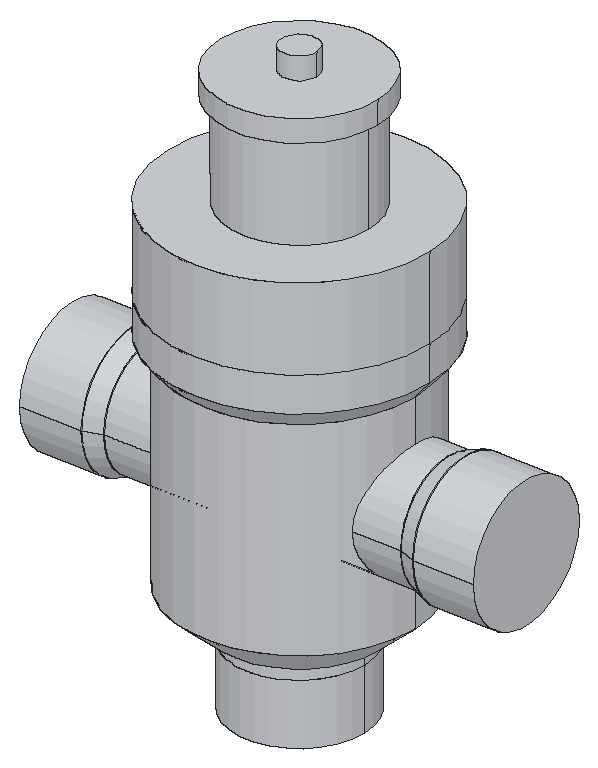
Revit family "VMX13P_DN15_PN16_RFA_2019", category Pipe Accessories, Revit 2019
Family settings
  Round Connector Dimension = Use Diameter
  Part Type = Valve - Breaks Into
  Work Plane-Based = No
  Always vertical = Yes
  Cut with Voids When Loaded = No
  Shared = No
Parameters (values of type "VMX13P G1/2  PN16 kvs1,6")
  magiProductId = ""
  magiProductFamilyId = ""
  magiPartTypeId = 320
  isMeasuringValve [instance] = no
  ang2D [instance] = 0.00°
  Z9 = 7 mm
  Z8 = 4 mm
  Z7__ve = -Z7  # -2.5 mm
  Z7 = 2.5 mm
  Z6 = 8.775 mm
  Z5 = 9.45 mm
  Z3 = 2 mm
  Z2 = 5 mm
  Z1 = 3.75 mm
  X4__ve = -X4  # -7 mm
  X4 = 7 mm
  X3 = 34 mm
  X1 = 5.2 mm
  W2D = 15 mm
  VersionID = ""
  Use Minimum Symbol Size [instance] = no
  URL = "www.hydronix.cz"
  Type Comments = "Závitový, vnější závit, ploché těsnění; LIN charakteristika; PN16; +5~+95°C; max.rychlost proudění 3,0 m/s"
  TL = 52 mm
  R9 = 9 mm
  R8 = 2 mm
  R7 = 15 mm
  R6 = 9 mm
  R5 = 10.214 mm
  R4 = 8.512 mm
  R3 = 7.5 mm
  R2 = 13.3 mm
  R10 = 8 mm
  R1 = 6.75 mm
  QmdConnectorList = "301;D;302;D;303;D"
  Productdata [instance] = ""
  Manufacturer = "Hydronix"
  MT = 1
  MC Product Code = "VMX13P (G1/2\"; dpmax=250kPa; kvs 1,6)"
  MC = yes
  LT2 = 19 mm
  L2D_Min = 30.48 mm
  L2D = 38 mm
  L = 38 mm
  H1 = 23.8 mm
  H = 27 mm
  E = 16 mm
  Description = "3 cestný regulační ventil malých spotřebičů, DN15; zdvih 2,5mm; max dp 250kPa; kvs1,6"
  DT2 = 7.5 mm
  D = 15 mm
  CS = no
  CAT0 = yes
  CAT = no
  C = 25 mm
  Assembly Code = ""
Types (8, lengths in mm): name | Z9 | Z6 | Z5 | Z2 | Z1 | X3 | X1 | W2D | TL | R6 | R5 | R4 | R3 | R2 | R1 | MC Product Code | LT2 | L2D | L | H1 | H | Description | DT2 | D | C
  VMX09P G1/2  PN16 kvs0,25 | 7 | 8.775 | 9.45 | 5 | 3.75 | 34 | 5.2 | 15 | 52 | 9 | 10.214 | 8.512 | 7.5 | 13.3 | 6.75 | "VMX09P (G1/2\"; dpmax=250kPa; kvs 0,25)" | 19 | 38 | 38 | 23.8 | 27 | "3 cestný regulační ventil malých spotřebičů, DN15; zdvih 2,5mm; max dp 250kPa; kvs0,25" | 7.5 | 15 | 25
  VMX10P G1/2  PN16 kvs0,4 | 7 | 8.775 | 9.45 | 5 | 3.75 | 34 | 5.2 | 15 | 52 | 9 | 10.214 | 8.512 | 7.5 | 13.3 | 6.75 | "VMX10P (G1/2\"; dpmax=250kPa; kvs 0,4)" | 19 | 38 | 38 | 23.8 | 27 | "3 cestný regulační ventil malých spotřebičů, DN15; zdvih 2,5mm; max dp 250kPa; kvs0,4" | 7.5 | 15 | 25
  VMX11P G1/2  PN16 kvs0,6 | 7 | 8.775 | 9.45 | 5 | 3.75 | 34 | 5.2 | 15 | 52 | 9 | 10.214 | 8.512 | 7.5 | 13.3 | 6.75 | "VMX11P (G1/2\"; dpmax=250kPa; kvs 0,6)" | 19 | 38 | 38 | 23.8 | 27 | "3 cestný regulační ventil malých spotřebičů, DN15; zdvih 2,5mm; max dp 250kPa; kvs0,6" | 7.5 | 15 | 25
  VMX12P G1/2  PN16 kvs1,0 | 7 | 8.775 | 9.45 | 5 | 3.75 | 34 | 5.2 | 15 | 52 | 9 | 10.214 | 8.512 | 7.5 | 13.3 | 6.75 | "VMX12P (G1/2\"; dpmax=250kPa; kvs 1,0)" | 19 | 38 | 38 | 23.8 | 27 | "3 cestný regulační ventil malých spotřebičů, DN15; zdvih 2,5mm; max dp 250kPa; kvs1,0" | 7.5 | 15 | 25
  VMX13P G1/2  PN16 kvs1,6 | 7 | 8.775 | 9.45 | 5 | 3.75 | 34 | 5.2 | 15 | 52 | 9 | 10.214 | 8.512 | 7.5 | 13.3 | 6.75 | "VMX13P (G1/2\"; dpmax=250kPa; kvs 1,6)" | 19 | 38 | 38 | 23.8 | 27 | "3 cestný regulační ventil malých spotřebičů, DN15; zdvih 2,5mm; max dp 250kPa; kvs1,6" | 7.5 | 15 | 25
  VMX21P G3/4  PN16 kvs2,5 | 8.8 | 8.45 | 9.1 | 6.8 | 5.1 | 38 | 5.6 | 20 | 56 | 12 | 11.29 | 9.408 | 10 | 14.7 | 9 | "VMX21P (G3/4\"; dpmax=150kPa; kvs 2,5)" | 21 | 42 | 42 | 29 | 26 | "3 cestný regulační ventil malých spotřebičů, DN20; zdvih 2,5mm; max dp 150kPa; kvs2,5" | 10 | 20 | 34
  VMX24P G3/4  PN16 kvs4,0 | 8.8 | 8.45 | 9.1 | 6.8 | 5.1 | 38 | 5.6 | 20 | 56 | 12 | 11.29 | 9.408 | 10 | 14.7 | 9 | "VMX24P (G3/4\";  dpmax A-AB=100kPa;  dpmax B-AB=40kPa;  kvs 4,0)" | 21 | 42 | 42 | 29 | 26 | "3 cestný regulační ventil malých spotřebičů, DN20; zdvih 2,5mm; max dp A-AB 100kPa; max dp B-AB 40kPa; kvs4,0" | 10 | 20 | 34
  VMX26P G3/4  PN16 kvs6,0 | 8.8 | 8.45 | 9.1 | 6.8 | 5.1 | 38 | 5.6 | 20 | 56 | 12 | 11.29 | 9.408 | 10 | 14.7 | 9 | "VMX26P (G3/4\";  dpmax A-AB=100kPa;  dpmax B-AB=40kPa;  kvs 6,0)" | 21 | 42 | 42 | 29 | 26 | "3 cestný regulační ventil malých spotřebičů, DN20; zdvih 2,5mm; max dp A-AB 100kPa; max dp B-AB 40kPa; kvs6,0" | 10 | 20 | 34
Reference planes
  plane 1 "Center (Front/Back)": y = 0
  plane 2 "XYPLANE": z = 0
  plane 3 "Center (Left/Right)": x = 0
  plane 4 "271": z = 38
  plane 5 "254": z = 11.55
  plane 6 "253": z = 17.55
  plane 7 "148": z = 40.5
  plane 8 "132": z = 43
  plane 9 "62": z = 13.55
  plane 10 "53": z = 27
  plane 11 "52": z = -12.25
  plane 12 "48": z = -16
  plane 13 "47": z = -18
  plane 14 "38": z = -23
  plane 15 "37": x = 17
  plane 16 "36": x = 19
  plane 17 "23": z = -25
  plane 18 "19": x = -17
  plane 19 "15": x = -19
  plane 20 "6": x = 26
  plane 21 "5": x = -26
  plane 22 "3": z = 0
  plane 23 "2": y = 0
  plane 24 "1": x = 0
Forms (mm)
  Extrusion 1, solid
    sketch origin (-750, 0, -25) x (1, 0, 0) y (0, 1, 0)
      loop
        circle (750, 0) r 7.5
    from 0 to 7 <- "Z9"
  Extrusion 2, solid, visible <- "CAT0"
    sketch origin (-750, 0, 43) x (1, 0, 0) y (0, 1, 0)
      loop
        circle (750, 0) r 2
    from 0 to -2.5 <- "Z7__ve"
  Extrusion 3, solid, visible <- "CAT0"
    sketch origin (-750, 0, 38) x (1, 0, 0) y (0, 1, 0)
      loop
        circle (750, 0) r 8
    from 0 to -19
  Extrusion 4, solid, visible <- "CAT0"
    sketch origin (-17, -750, 0) x (0, 1, 0) y (0, 0, 1)
      loop
        circle (750, 0) r 6.75
    from 0 to 34 <- "X3"
  Extrusion 5, solid
    sketch origin (-750, 0, 13.55) x (1, 0, 0) y (0, 1, 0)
      loop
        circle (750, 0) r 15
    from 0 to 4 <- "Z8"
  Extrusion 6, solid
    sketch origin (-750, 0, 40.5) x (1, 0, 0) y (0, 1, 0)
      loop
        circle (750, 0) r 9
    from 0 to -2.5 <- "Z7__ve"
  Extrusion 7, solid
    sketch origin (-750, 0, 17.55) x (1, 0, 0) y (0, 1, 0)
      loop
        circle (750, 0) r 15
    from 0 to 9.45 <- "Z5"
  Blend 8, solid
    base sketch origin (-750, 0, 11.55) x (1, 0, 0) y (0, 1, 0)
      loop
        circle (750, 0) r 13.3
    top sketch origin (-750, 0, 11.55) x (1, 0, 0) y (0, 1, 0)
      loop
        circle (750, 0) r 15
    from 0 to 2
  Blend 9, solid
    base sketch origin (-750, 0, -12.25) x (1, 0, 0) y (0, 1, 0)
      loop
        circle (750, 0) r 13.3
    top sketch origin (-750, 0, -12.25) x (1, 0, 0) y (0, 1, 0)
      loop
        circle (750, 0) r 9
    from 0 to -3.75
  Extrusion 10, solid
    sketch origin (-750, 0, -18) x (1, 0, 0) y (0, 1, 0)
      loop
        circle (750, 0) r 7.5
    from 0 to 2 <- "Z3"
  Extrusion 11, solid
    sketch origin (26, -750, 0) x (0, 1, 0) y (0, 0, 1)
      loop
        circle (750, 0) r 7.5
    from 0 to -7 <- "X4__ve"
  Blend 12, solid
    base sketch origin (19, -750, 0) x (0, 1, 0) y (0, 0, 1)
      loop
        circle (750, 0) r 7.5
    top sketch origin (19, -750, 0) x (0, 1, 0) y (0, 0, 1)
      loop
        circle (750, 0) r 6.75
    from 0 to -2
  Extrusion 13, solid
    sketch origin (-750, 0, -12.25) x (1, 0, 0) y (0, 1, 0)
      loop
        circle (750, 0) r 13.3
    from 0 to 23.8 <- "H1"
  Blend 14, solid
    base sketch origin (-19, -750, 0) x (0, 1, 0) y (0, 0, 1)
      loop
        circle (750, 0) r 7.5
    top sketch origin (-19, -750, 0) x (0, 1, 0) y (0, 0, 1)
      loop
        circle (750, 0) r 6.75
    from 0 to 2
  Extrusion 15, solid
    sketch origin (-26, -750, 0) x (0, 1, 0) y (0, 0, 1)
      loop
        circle (750, 0) r 7.5
    from 0 to 7 <- "X4"
  Extrusion 16, solid, not visible
    sketch origin (-750, 0, -18) x (1, 0, 0) y (0, 1, 0)
      loop
        circle (750, 0) r 10
    from 0 to 10
  Extrusion 17, solid, not visible
    sketch origin (19, -750, 0) x (0, 1, 0) y (0, 0, 1)
      loop
        circle (750, 0) r 10
    from 0 to -10
  Extrusion 18, solid, not visible
    sketch origin (-19, -750, 0) x (0, 1, 0) y (0, 0, 1)
      loop
        circle (750, 0) r 10
    from 0 to 10
Lines and regions (mm)
  reference lines, not visible
    curve 1: circle (2, 2, 0) r 1 normal (0, 0, 1)
Dimensions and locks
  plane 1 "Center (Front/Back)" to curve 1 = 2 mm
  "Z7": plane 7 "148" to plane 4 "271"
  "Z3": plane 9 "62" to plane 5 "254"
  "Z5": plane 10 "53" to plane 6 "253"
  "Z7": plane 8 "132" to plane 7 "148"
  "E": plane 10 "53" to plane 8 "132"
  "Z8": plane 6 "253" to plane 9 "62"
  "H": plane 2 "XYPLANE" to plane 10 "53"
  "Z1": plane 12 "48" to plane 11 "52"
  "Z3": plane 13 "47" to plane 12 "48"
  "Z2": plane 14 "38" to plane 13 "47"
  "Z3": plane 17 "23" to plane 14 "38"
  locked: plane 16 "36" to plane 15 "37" at 2
  "LT2": plane 3 "Center (Left/Right)" to plane 16 "36"
  "C": plane 2 "XYPLANE" to plane 17 "23"
  locked: plane 19 "15" to plane 18 "19" at 2
  "LT2": plane 3 "Center (Left/Right)" to plane 19 "15"
  "X4": plane 16 "36" to plane 20 "6"
  "X4": plane 19 "15" to plane 21 "5"
  locked: plane 2 "XYPLANE" to plane 22 "3"
  locked: plane 1 "Center (Front/Back)" to plane 23 "2"
  locked: plane 3 "Center (Left/Right)" to plane 24 "1"
  "DT2": radius of Extrusion 1 sketch curve
  "R8": radius of Extrusion 2 sketch curve
  "R10": radius of Extrusion 3 sketch curve
  "R1": radius of Extrusion 4 sketch curve
  "R7": radius of Extrusion 5 sketch curve
  "R9": radius of Extrusion 6 sketch curve
  "R7": radius of Extrusion 7 sketch curve
  "R7": radius of Blend 8 sketch curve
  "R2": radius of Blend 8 sketch curve
  "R6": radius of Blend 9 sketch curve
  "R2": radius of Blend 9 sketch curve
  "DT2": radius of Extrusion 10 sketch curve
  "DT2": radius of Extrusion 11 sketch curve
  "R1": radius of Blend 12 sketch curve
  "DT2": radius of Blend 12 sketch curve
  "R2": radius of Extrusion 13 sketch curve
  "R1": radius of Blend 14 sketch curve
  "DT2": radius of Blend 14 sketch curve
  "DT2": radius of Extrusion 15 sketch curve
  aligned and locked: level to plane 2 "XYPLANE"
  aligned and locked: plane 23 "2" to Extrusion 1 sketch curve
  aligned and locked: plane 24 "1" to Extrusion 1 sketch curve
  aligned and locked: plane 23 "2" to Extrusion 2 sketch curve
  aligned and locked: plane 24 "1" to Extrusion 2 sketch curve
  aligned and locked: plane 23 "2" to Extrusion 3 sketch curve
  aligned and locked: plane 24 "1" to Extrusion 3 sketch curve
  aligned and locked: plane 22 "3" to Extrusion 4 sketch curve
  aligned and locked: Extrusion 4 sketch curve to plane 23 "2"
  aligned and locked: plane 23 "2" to Extrusion 5 sketch curve
  aligned and locked: plane 24 "1" to Extrusion 5 sketch curve
  aligned and locked: plane 23 "2" to Extrusion 6 sketch curve
  aligned and locked: plane 24 "1" to Extrusion 6 sketch curve
  aligned and locked: plane 23 "2" to Extrusion 7 sketch curve
  aligned and locked: plane 24 "1" to Extrusion 7 sketch curve
  aligned and locked: plane 23 "2" to Blend 8 sketch curve  (x2)
  aligned and locked: plane 24 "1" to Blend 8 sketch curve  (x2)
  aligned and locked: plane 9 "62" to Blend 8
  aligned and locked: plane 23 "2" to Blend 9 sketch curve  (x2)
  aligned and locked: plane 24 "1" to Blend 9 sketch curve  (x2)
  aligned and locked: Blend 9 to plane 12 "48"
  aligned and locked: plane 23 "2" to Extrusion 10 sketch curve
  aligned and locked: plane 24 "1" to Extrusion 10 sketch curve
  aligned and locked: plane 22 "3" to Extrusion 11 sketch curve
  aligned and locked: Extrusion 11 sketch curve to plane 23 "2"
  aligned and locked: plane 22 "3" to Blend 12 sketch curve  (x2)
  aligned and locked: Blend 12 sketch curve to plane 23 "2"  (x2)
  aligned and locked: Blend 12 to plane 15 "37"
  aligned and locked: plane 23 "2" to Extrusion 13 sketch curve
  aligned and locked: plane 24 "1" to Extrusion 13 sketch curve
  aligned and locked: plane 22 "3" to Blend 14 sketch curve  (x2)
  aligned and locked: Blend 14 sketch curve to plane 23 "2"  (x2)
  aligned and locked: plane 18 "19" to Blend 14
  aligned and locked: plane 22 "3" to Extrusion 15 sketch curve
  aligned and locked: Extrusion 15 sketch curve to plane 23 "2"
  aligned and locked: plane 23 "2" to Extrusion 16 sketch curve
  aligned and locked: plane 24 "1" to Extrusion 16 sketch curve
  aligned and locked: plane 22 "3" to Extrusion 17 sketch curve
  aligned and locked: Extrusion 17 sketch curve to plane 23 "2"
  aligned and locked: plane 22 "3" to Extrusion 18 sketch curve
  aligned and locked: Extrusion 18 sketch curve to plane 23 "2"
Automatic sketch dimensions
  plane 1 "Center (Front/Back)" to Extrusion 16 sketch curve = 10 mm
  plane 1 "Center (Front/Back)" to Extrusion 17 sketch curve = 10 mm
  plane 1 "Center (Front/Back)" to Extrusion 18 sketch curve = 10 mm
  plane 3 "Center (Left/Right)" to curve 1 = 2 mm
  radius of curve 1 = 1 mm
Connectors
  piping at (-19, 0, 0), diameter 15, driven by "D"
    settings: on Extrusion 18, index 1, connector inside diameter 609.6 mm, connector length 0 mm, flow factor 0, pipe flow 0.0 L/s, pressure drop 0.0 Pa, fitting loss kfactor 0, connector angle 0.00°, fixture units 0, engagement length 0 mm, angle of deflection 0.00°, flow configuration 0, flow direction 0, fitting loss method 0, system type 29, joint type 0, gender type 0, connector reference index -1, connector utility 0, adjustable connector yes, is connector primary yes, connector description ""
  piping at (19, 0, 0), diameter 15, driven by "D"
    settings: on Extrusion 17, index 2, connector inside diameter 609.6 mm, connector length 0 mm, flow factor 0, pipe flow 0.0 L/s, pressure drop 0.0 Pa, fitting loss kfactor 0, connector angle 0.00°, fixture units 0, engagement length 0 mm, angle of deflection 0.00°, flow configuration 0, flow direction 0, fitting loss method 0, system type 29, joint type 0, gender type 0, connector reference index -1, connector utility 0, adjustable connector yes, is connector primary no, connector description ""
  piping at (0, 0, -18), diameter 15, driven by "D"
    settings: on Extrusion 16, index 3, connector inside diameter 609.6 mm, connector length 0 mm, flow factor 0, pipe flow 0.0 L/s, pressure drop 0.0 Pa, fitting loss kfactor 0, connector angle 0.00°, fixture units 0, engagement length 0 mm, angle of deflection 0.00°, flow configuration 0, flow direction 0, fitting loss method 0, system type 29, joint type 0, gender type 0, connector reference index -1, connector utility 0, adjustable connector yes, is connector primary no, connector description ""
